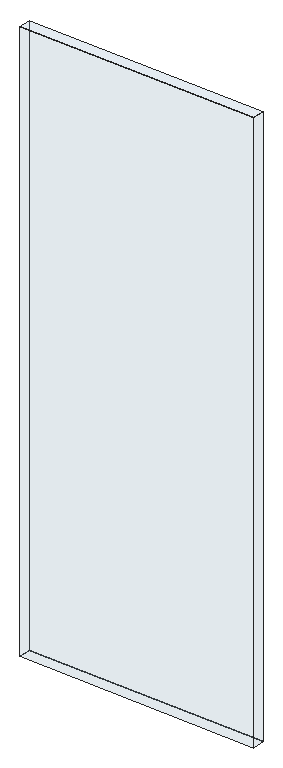
Revit family
Parameters (values of type "36" x 84"")
  Thickness = 0' - 2"
  Swing Angle [instance] = 45.00°
  Function = (empty or 0)
  Door - Glass Frosted = ""
  Door - Glass Clear = ""
  Assembly Code = "C1020"
  Door Material = Door -  Glass Panel
  Structural Frame Material = Door - structural frame
  Height = 7' - 0"
  Trim Projection Ext = 0' - 1"
  Trim Projection Int = 0' - 1"
  Trim Width = 0' - 3"
  Wall Closure = (empty or 0)
  Width = 3' - 0"
Reference planes (in)
  plane 1: y = 0
  plane 2: z = 0
  plane 3: x = 0
  plane 4: x = -18
  plane 5: x = 18
  plane 6: z = 84
  plane 7: z = 91.75
Forms (in)
  Extrusion 1, solid, material "Door -  Glass Panel" <- "Door Material"
    sketch origin (3.19149, -3, 7.24264) x (1, 0, 0) y (0, 0, 1)
      loop
        line (-21.19149, 84) -> (-21.19149, -3) -> (14.80851, -3) -> (14.80851, 84) -> (-21.19149, 84)
    from -3 to -1
Lines and regions (in)
  Opening 1
    outline origin (-60, -3, 144) x (0, 0, -1) y (1, 0, 0)
      loop
        line (60, 42) -> (144, 42) -> (144, 78) -> (60, 78) -> (60, 42)
  symbolic lines, style "Elevation Swing"
    curve 1: line (-18, 0, 84) -> (18, 0, 42)
    curve 2: line (-18, 0, 0) -> (18, 0, 42)
Dimensions and locks (in)
  equal spacing: plane 4, plane 3, plane 5
  "Width": plane 4 to plane 5
  "Height": plane 6 to plane 2
  equal spacing: plane 6, curve 2, level
Automatic sketch dimensions
  plane 4 to curve 1 = 0' - 0"
  curve 1 to plane 6 = 0' - 0"
  curve 2 to level = 0' - 0"
  plane 4 to curve 2 = 0' - 0"
  plane 5 to curve 2 = 0' - 0"
  plane 5 to Opening 1 sketch curve = 0' - 0"
  Opening 1 sketch curve to plane 6 = 0' - 0"
  Opening 1 sketch curve to level = 0' - 0"
  plane 4 to Opening 1 sketch curve = 0' - 0"
  level to Extrusion 1 sketch curve = 0' - 4.24264"
  Extrusion 1 sketch curve to plane 4 = 0' - 0"
  Extrusion 1 sketch curve to plane 5 = 0' - 0"
  level to Extrusion 1 sketch curve = 7' - 7.24264"
